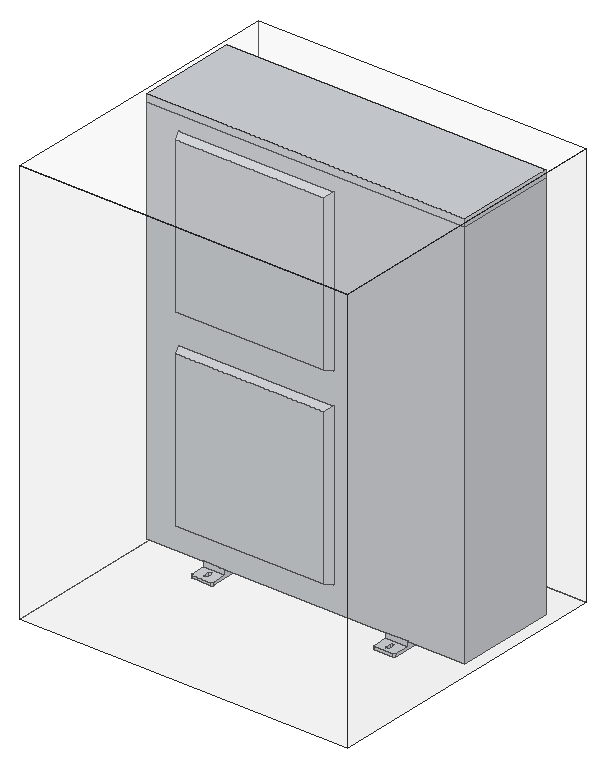
Revit family "puz-dhrmp80_140ka_60Hz", category 機械設備, Revit 2019 (continued)
Definition of nested family "PUZ-ZRMP-3"
  Dimensions and locks
    aligned and locked: plane 53 to Extrusion 5 sketch curve
    aligned and locked: plane 58 to Extrusion 6 sketch curve
    aligned and locked: plane 56 to Extrusion 6 sketch curve
    aligned and locked: plane 61 to Extrusion 7 sketch curve
    aligned and locked: plane 54 to Extrusion 7 sketch curve
    aligned and locked: plane 55 to Extrusion 7
    aligned and locked: Extrusion 7 to plane 62
    aligned and locked: plane 64 to Extrusion 6
    aligned and locked: plane 63 to Extrusion 5
    aligned and locked: Extrusion 6 to plane 60
    aligned and locked: Extrusion 5 to plane 59
    aligned and locked: plane 66 to Extrusion 8 sketch curve
    aligned and locked: plane 65 to Extrusion 8 sketch curve
    aligned and locked: Extrusion 8 to plane 60
    aligned and locked: plane 64 to Extrusion 8
    aligned and locked: Blend 9 sketch curve to plane 71
    aligned and locked: Blend 9 sketch curve to plane 72
    aligned and locked: Blend 9 sketch curve to plane 42
    aligned and locked: Blend 9 sketch curve to plane 41
    aligned and locked: plane 45 to Blend 9 sketch curve
    aligned and locked: Blend 9 sketch curve to plane 46
    aligned and locked: Blend 9 sketch curve to plane 73
    aligned and locked: plane 74 to Blend 9 sketch curve
    aligned and locked: Blend 9 to plane 8
    aligned and locked: plane 38 to Blend 9
    aligned and locked: plane 22 to Extrusion 10 sketch curve
    aligned and locked: plane 21 to Extrusion 10 sketch curve
    aligned and locked: Extrusion 10 sketch curve to Extrusion 1  (x4)
    aligned and locked: Extrusion 10 sketch curve to plane 23
    aligned and locked: Extrusion 10 sketch curve to plane 20
    aligned and locked: plane 24 to Extrusion 10
    aligned and locked: Extrusion 10 to level
    aligned and locked: plane 25 to Extrusion 11
    aligned and locked: Extrusion 11 to plane 26
    aligned and locked: Masking region 1 sketch curve to Extrusion 3  (x4)
    aligned and locked: Masking region 1 sketch curve to cut or joined group of Extrusion 1, Extrusion 10  (x8)
    aligned and locked: Masking region 1 sketch curve to Blend 9  (x3)
    aligned and locked: plane 51 to Extrusion 11 sketch curve
    aligned and locked: plane 52 to Extrusion 11 sketch curve
    aligned and locked: plane 76 to Extrusion 11 sketch curve
    aligned and locked: plane 77 to Extrusion 11 sketch curve
    aligned and locked: plane 78 to Extrusion 11 sketch curve
    aligned and locked: plane 79 to Extrusion 11 sketch curve
    aligned and locked: plane 75 to Extrusion 11 sketch curve  (x4)
  Automatic sketch dimensions
    plane 7 to Extrusion 1 sketch curve = 0 mm  (x2)
    Extrusion 1 sketch curve to plane 18 = 0 mm
    plane 8 to Extrusion 1 sketch curve = 0 mm  (x2)
    Extrusion 1 sketch curve to plane 19 = 0 mm
    Extrusion 1 sketch curve to plane 20 = 0 mm
    Extrusion 1 sketch curve to plane 21 = 0 mm
    curve 187 to curve 188 = 40 mm
    curve 186 to curve 190 = 13.333 mm
    curve 190 to curve 190 = 40 mm
    curve 186 to curve 193 = 0 mm
    curve 186 to curve 188 = 40 mm
    curve 188 to curve 191 = 0 mm
    curve 179 to curve 180 = 40 mm
    curve 178 to curve 182 = 120 mm
    curve 182 to curve 182 = 40 mm
    curve 178 to curve 185 = 0 mm
    curve 178 to curve 180 = 40 mm
    curve 182 to curve 183 = 40 mm
    curve 25 to plane 45 = 0 mm
    curve 24 to plane 45 = 0 mm
    curve 22 to plane 45 = 0 mm
    curve 23 to plane 45 = 0 mm
    curve 26 to plane 45 = 0 mm
    curve 21 to plane 45 = 0 mm
    curve 24 to plane 46 = 0 mm
    curve 25 to plane 46 = 0 mm
    curve 26 to plane 46 = 0 mm
    curve 23 to plane 46 = 0 mm
    curve 22 to plane 46 = 0 mm
    curve 21 to plane 46 = 0 mm
    curve 37 to plane 48 = 0 mm
    curve 52 to plane 48 = 0 mm
    curve 51 to plane 48 = 0 mm
    curve 50 to plane 48 = 0 mm
    curve 49 to plane 48 = 0 mm
    curve 48 to plane 48 = 0 mm
    curve 47 to plane 48 = 0 mm
    curve 46 to plane 48 = 0 mm
    curve 45 to plane 48 = 0 mm
    curve 44 to plane 48 = 0 mm
    curve 43 to plane 48 = 0 mm
    curve 42 to plane 48 = 0 mm
    curve 41 to plane 48 = 0 mm
    curve 27 to plane 48 = 0 mm
    curve 28 to plane 48 = 0 mm
    curve 40 to plane 48 = 0 mm
    curve 39 to plane 48 = 0 mm
    curve 29 to plane 48 = 0 mm
    curve 38 to plane 48 = 0 mm
    curve 30 to plane 48 = 0 mm
    curve 53 to plane 48 = 0 mm
    curve 31 to plane 48 = 0 mm
    curve 36 to plane 48 = 0 mm
    curve 32 to plane 48 = 0 mm
    curve 35 to plane 48 = 0 mm
    curve 33 to plane 48 = 0 mm
    curve 34 to plane 48 = 0 mm
    curve 28 to plane 47 = 0 mm
    curve 41 to plane 47 = 0 mm
    curve 27 to plane 47 = 0 mm
    curve 42 to plane 47 = 0 mm
    curve 31 to plane 47 = 0 mm
    curve 40 to plane 47 = 0 mm
    curve 37 to plane 47 = 0 mm
    curve 39 to plane 47 = 0 mm
    curve 32 to plane 47 = 0 mm
    curve 45 to plane 47 = 0 mm
    curve 36 to plane 47 = 0 mm
    curve 46 to plane 47 = 0 mm
    curve 43 to plane 47 = 0 mm
    curve 47 to plane 47 = 0 mm
    curve 29 to plane 47 = 0 mm
    curve 48 to plane 47 = 0 mm
    curve 30 to plane 47 = 0 mm
    curve 49 to plane 47 = 0 mm
    curve 44 to plane 47 = 0 mm
    curve 50 to plane 47 = 0 mm
    curve 33 to plane 47 = 0 mm
    curve 51 to plane 47 = 0 mm
    curve 35 to plane 47 = 0 mm
    curve 52 to plane 47 = 0 mm
    curve 38 to plane 47 = 0 mm
    curve 53 to plane 47 = 0 mm
    curve 34 to plane 47 = 0 mm
    plane 13 to curve 304 = 138 mm
    curve 304 to plane 46 = 0 mm
    curve 307 to plane 45 = 0 mm
    curve 306 to plane 45 = 0 mm
    curve 303 to plane 45 = 0 mm
    curve 308 to plane 45 = 0 mm
    curve 303 to plane 46 = 0 mm
    curve 306 to plane 46 = 0 mm
    curve 307 to plane 46 = 0 mm
    curve 308 to plane 46 = 0 mm
    curve 309 to plane 45 = 0 mm
    curve 309 to plane 46 = 0 mm
    curve 305 to plane 74 = 0 mm
    curve 305 to plane 73 = 0 mm
    curve 310 to plane 74 = 0 mm
    curve 310 to plane 73 = 0 mm
    curve 311 to plane 73 = 0 mm
    curve 311 to plane 74 = 0 mm
    curve 312 to plane 74 = 0 mm
    curve 312 to plane 73 = 0 mm
    curve 313 to plane 74 = 0 mm
    curve 313 to plane 73 = 0 mm
    curve 314 to plane 73 = 0 mm
    curve 314 to plane 74 = 0 mm
    curve 315 to plane 74 = 0 mm
    curve 315 to plane 73 = 0 mm
    curve 316 to plane 73 = 0 mm
    curve 316 to plane 74 = 0 mm
    curve 317 to plane 74 = 0 mm
    curve 317 to plane 73 = 0 mm
    curve 318 to plane 74 = 0 mm
    curve 318 to plane 73 = 0 mm
    curve 319 to plane 74 = 0 mm
    curve 319 to plane 73 = 0 mm
    curve 320 to plane 74 = 0 mm
    curve 320 to plane 73 = 0 mm
    curve 321 to plane 74 = 0 mm
    curve 321 to plane 73 = 0 mm
    curve 322 to plane 73 = 0 mm
    curve 322 to plane 74 = 0 mm
    curve 323 to plane 73 = 0 mm
    curve 323 to plane 74 = 0 mm
    curve 324 to plane 73 = 0 mm
    curve 324 to plane 74 = 0 mm
    curve 325 to plane 74 = 0 mm
    curve 325 to plane 73 = 0 mm
    curve 326 to plane 74 = 0 mm
    curve 326 to plane 73 = 0 mm
    curve 327 to plane 74 = 0 mm
    curve 327 to plane 73 = 0 mm
    curve 328 to plane 74 = 0 mm
    curve 328 to plane 73 = 0 mm
    curve 329 to plane 74 = 0 mm
    curve 329 to plane 73 = 0 mm
    curve 330 to plane 74 = 0 mm
    curve 330 to plane 73 = 0 mm
    curve 331 to plane 74 = 0 mm
    curve 331 to plane 73 = 0 mm
    curve 332 to plane 73 = 0 mm
    curve 332 to plane 74 = 0 mm
    curve 333 to plane 74 = 0 mm
    curve 333 to plane 73 = 0 mm
    curve 334 to plane 73 = 0 mm
    curve 334 to plane 74 = 0 mm
    curve 335 to plane 74 = 0 mm
    curve 335 to plane 73 = 0 mm
    Extrusion 10 sketch curve to plane 18 = 0 mm  (x2)
    plane 8 to Extrusion 10 sketch curve = 0 mm
    plane 23 to Extrusion 10 sketch curve = 0 mm
    plane 22 to Extrusion 10 sketch curve = 0 mm  (x3)
    plane 16 to Extrusion 10 sketch curve = 0 mm  (x3)
    plane 17 to Extrusion 10 sketch curve = 0 mm  (x3)
    Extrusion 10 sketch curve to plane 15 = 0 mm  (x2)
    Extrusion 10 sketch curve to plane 19 = 0 mm  (x2)
    Extrusion 10 sketch curve to plane 14 = 0 mm  (x2)
    plane 7 to Extrusion 10 sketch curve = 0 mm
    Extrusion 10 sketch curve to plane 18 = 5 mm
    plane 15 to Extrusion 10 sketch curve = 6 mm  (x2)
    plane 19 to Extrusion 10 sketch curve = 5 mm
    Extrusion 10 sketch curve to plane 20 = 5 mm
    plane 14 to Extrusion 10 sketch curve = 6 mm  (x2)
    plane 21 to Extrusion 10 sketch curve = 5 mm
    plane 38 to Extrusion 10 sketch curve = 10 mm  (x2)
    plane 19 to Masking region 1 sketch curve = 0 mm
    plane 21 to Masking region 1 sketch curve = 0 mm
    plane 7 to Masking region 1 sketch curve = 0 mm  (x2)
    Masking region 1 sketch curve to plane 20 = 0 mm
    Masking region 1 sketch curve to plane 18 = 0 mm
    plane 8 to Masking region 1 sketch curve = 0 mm  (x2)
    plane 38 to Masking region 1 sketch curve = 0 mm
    curve 352 to plane 6 = 0 mm
    plane 7 to curve 352 = 0 mm
    curve 353 to plane 18 = 0 mm
    curve 348 to plane 18 = 0 mm
    plane 8 to curve 346 = 0 mm
    curve 354 to plane 19 = 0 mm
    curve 347 to plane 19 = 0 mm
    curve 345 to plane 41 = 0 mm
    plane 38 to curve 344 = 0 mm
    curve 344 to plane 46 = 0 mm
    curve 357 to plane 20 = 0 mm
    curve 343 to plane 20 = 0 mm
    curve 358 to plane 21 = 0 mm
    curve 341 to plane 21 = 0 mm
    curve 339 to plane 45 = 0 mm
    curve 339 to plane 42 = 0 mm
    curve 337 to plane 5 = 0 mm
    plane 22 to curve 354 = 0 mm
    plane 22 to curve 358 = 0 mm
    plane 23 to curve 342 = 0 mm
    plane 23 to curve 347 = 0 mm
    curve 11 to plane 65 = 6 mm
    plane 18 to curve 352 = 28.157 mm
    plane 15 to curve 346 = 0.043 mm
    plane 21 to curve 338 = 11.963 mm
    curve 336 to plane 21 = 9.073 mm
    curve 344 to plane 21 = 22.105 mm
    plane 28 to curve 3 = 5 mm
    curve 3 to plane 45 = 38 mm
    curve 1 to plane 45 = 38 mm
    curve 3 to curve 5 = 0 mm
    curve 4 to plane 29 = 5 mm
    curve 372 to plane 65 = 6 mm
    plane 65 to curve 376 = 9 mm
    curve 12 to plane 65 = 6 mm
    curve 20 to plane 53 = 4 mm
    curve 2 to curve 16 = 15 mm
    plane 51 to curve 15 = 5 mm
Definition of nested family "固定点"
  Parameters (values of type "固定点")
    中心円 = if(W > 599 mm, 12 mm, 10 mm)  # 12 mm
    W = 1000 mm
    D = 1000 mm
  Reference planes
    plane 1 "中心(正面/背面)": y = 0
    plane 2: z = 0
    plane 3 "中心(左/右)": x = 0
    plane 4: x = 1000
    plane 5: y = 1000
  Lines and regions (mm)
    symbolic lines, detail levels fine
      curve 1: circle (0, 1000, 0) r 6 normal (0, 0, 1)
      curve 2: circle (0, 0, 0) r 6 normal (0, 0, 1)
      curve 3: circle (1000, 1000, 0) r 6 normal (0, 0, 1)
      curve 4: circle (1000, 0, 0) r 6 normal (0, 0, 1)
      curve 5: line (-200, 1000, 0) -> (1200, 1000, 0)
      curve 6: line (-200, 0, 0) -> (1200, 0, 0)
      curve 7: line (0, 1200, 0) -> (0, -200, 0)
      curve 8: line (1000, 1200, 0) -> (1000, -200, 0)
  Dimensions and locks
    "W": plane 3 "中心(左/右)" to plane 4
    "D": plane 1 "中心(正面/背面)" to plane 5
    "中心円": diameter of curve 1
    "中心円": diameter of curve 2
    "中心円": diameter of curve 3
    "中心円": diameter of curve 4
    aligned and locked: level to plane 2
    aligned and locked: plane 5 to curve 1
    aligned and locked: plane 3 "中心(左/右)" to curve 1
    aligned and locked: plane 3 "中心(左/右)" to curve 2
    aligned and locked: plane 1 "中心(正面/背面)" to curve 2
    aligned and locked: plane 4 to curve 3
    aligned and locked: plane 5 to curve 3
    aligned and locked: plane 1 "中心(正面/背面)" to curve 4
    aligned and locked: plane 4 to curve 4
    aligned and locked: plane 1 "中心(正面/背面)" to curve 6
    aligned and locked: curve 7 to plane 3 "中心(左/右)"
    aligned and locked: curve 8 to plane 4
  Automatic sketch dimensions
    curve 5 to plane 5 = 0 mm
    curve 6 to plane 3 "中心(左/右)" = 200 mm
    curve 5 to plane 3 "中心(左/右)" = 200 mm
    curve 4 to curve 6 = 200 mm
    curve 3 to curve 5 = 200 mm
    plane 1 "中心(正面/背面)" to curve 8 = 200 mm
    plane 1 "中心(正面/背面)" to curve 7 = 200 mm
    curve 3 to curve 8 = 200 mm
    curve 1 to curve 7 = 200 mm
Types (3, lengths in mm): name | 音響パワーレベル（冷）(dB) | 音響パワーレベル(dB) | 電動機出力_圧縮機 | 消費電力_暖房 | 消費電力_冷房 | 消費電力 | 構成品番 | 暖房能力 | 推奨ブレーカー容量 | 価格 | 冷房能力 | URL
  PUZ-DHRMP80KA | 66 | 68 | 1.5 kW | 1.92 kW | 1.77 kW | 1.92 kW | "PUZ-DHRMP80KA" | 8 kW | 30 A | 831000 | 7.1 kW | "https://www.mitsubishielectric.co.jp/ldg/wink/ssl/displayProduct.do?pid=323617"
  PUZ-DHRMP112KA | 66 | 69 | 2.1 kW | 2.69 kW | 2.5 kW | 2.69 kW | "PUZ-DHRMP112KA" | 11.2 kW | 30 A | 981000 | 10 kW | "https://www.mitsubishielectric.co.jp/ldg/wink/ssl/displayProduct.do?pid=323620"
  PUZ-DHRMP140KA | 68 | 69 | 2.7 kW | 3.82 kW | 3.69 kW | 3.82 kW | "PUZ-DHRMP140KA" | 14 kW | 40 A | 1171000 | 12.5 kW | "https://www.mitsubishielectric.co.jp/ldg/wink/ssl/displayProduct.do?pid=323623"
